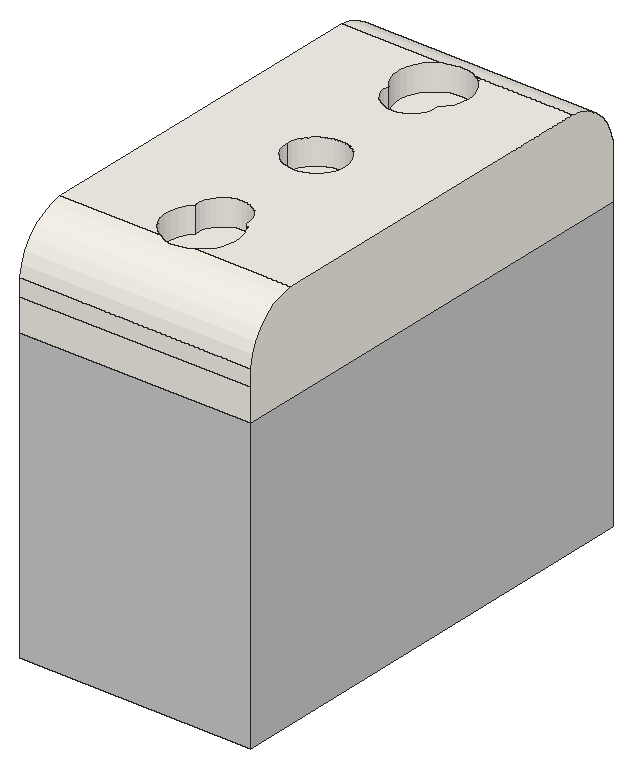
Revit family "Domotics-DomesticRanges-GEWISS-CHORUS_POWER-SOCKET-OUTLET_ITA_P11P17_16A", category Apparecchi elettrici, host Superficie, Revit 2016
Family settings
  Host = Superficie
  Mantenere orientamento annotazione = Sì
  Tipo di parte = Normale
  Quota connettore circolare = Usa diametro
  Numero OmniClass = 23.80.50.14
  Titolo OmniClass = Plug Connectors
  Taglio con vuoti quando caricato = Sì
  Condiviso = Sì
  Punto di calcolo locali = Sì
Parameters (values of type "GW14203 - Titanium")
  Wiring terminals = "With screw"
  Voltage: = "250 V ac"
  Voltage = "250 V ac"
  Volt = 230 V
  Vista di pianta [instance] = yes
  Version file RFA = "19.0"
  URL = "https://www.gewiss.com/ww/en"
  Type: = ""
  Tipo = CHORUS PRESE ITA P11-17 16A_BASE : TITANIO
  Thermo-pressure with ball = "125 °C"
  Terminal tightening capacity rigid cables (mm2) = "min. 0,5 - max. 2x2,5"
  Terminal tightening capacity flexible cables (mm2) = "min. 0,75 - max. 2x4"
  Terminal grip on cable traction = "> 50 N"
  Technical sheet = "https://www.gewiss.com/ww/en/search?q=GW14203"
  Standard; = "IEC 60884-1"
  Standard: = "English"
  Standard = "English"
  Socket-out type = "P11-P17"
  Simbolo = SIMBOLO PRESE : PRESA
  SIMBOLO [instance] = yes
  SEO = "Socket outlet"
  Resistance at test voltage = "2000 V at 50 Hz for 1 minute"
  Realized by GEWISS S.p.A. = ""
  Prolonged operation (no.of position changes) = "10.000 at In 250 V ac cosØ=0,8"
  Produttore = "GEWISS S.p.A."
  No. Chorus modules: = "1"
  No. Chorus modules = "1"
  N. poli = 1
  Modello = "GW14203"
  Larghezza presa = 23 mm
  Insulation resistance = "> 5 MOhm"
  IFC.TypeObject = ""
  IFC.ExportType = ""
  IFC.ExportAs = ""
  Offset presa [instance] = 0 mm
  Offset bidimensionale [instance] = 2 mm
  IDT = "29c87b2e-b13e-4cda-8006-9f3203d1c943"
  IDF = "e51a4de5-cedc-4b23-a4cc-bbf58c90be0d"
  Glow Wire Test = "850°C"
  For plug pins = "Ø 4 / 5 mm"
  Electrocod = "0131"
  EAN code = "8011564266308"
  Distanza_x [instance] = 0 mm
  Distanza_effettiva_x [instance] = 1500 mm - Distanza_x  # 1500 mm
  Default Elevation = 1219.2 mm
  Immagine tipo = GW14203.jpg
  Descrizione = "SOCKET 1M 2P+E 16A D.AM P17-11 IT ST T"
  Description: = "2P+E - 16 A Dual amperage"
  Description. = "Dual amperage socket-outlet"
  Colour = "Titanium"
  Characteristics = "With safety shields"
  Category = "Dual amperage socket-outlet"
  Catalogue Range = "CHORUS - DOMESTIC RANGE"
  Catalogue = "DOMOTICS"
  Carico apparente = 0 VA
  COBie.Tagnumber = ""
  COBie.CreatedOn = ""
  COBie.CreatebBy = ""
  COBie.ComponentRegisterItemID = ""
  COBie.Component.TagNumber = ""
  COBie.Component.Space = ""
  COBie.Component.SerialNumber = ""
  COBie.Component.InstallationDate = ""
  COBie.Component.Description = ""
  COBie.Component.BarCode = ""
  Breaking capacity: = "1.25 In (100 position changes)"
Types (6, lengths in mm): name | Type: | Tipo | Technical sheet | Modello | IDT | EAN code | Immagine tipo | Descrizione | Colour
  GW10203 - White | "" | CHORUS PRESE ITA P11-17 16A_BASE : BIANCO | "https://www.gewiss.com/ww/en/search?q=GW10203" | "GW10203" | "9966065f-069b-4595-8afa-80a81bea9837" | "8011564257894" | GW10203.jpg | "S. OUT. 1M 2P+E 16A D.AM P17-11 IT WH" | "White"
  GW10213 - Rosso | "For allocated lines" | CHORUS PRESE ITA P11-17 16A_BASE : ROSSO | "https://www.gewiss.com/ww/en/search?q=GW10213" | "GW10213" | "c83d3fc6-1765-4144-a7bb-0b87bbe7c99c" | "8011564264854" | GW10213.jpg | "S. OUT. 1M 2P+E 16A D.AM P17-11 IT RED" | "Red"
  GW10223 - Verde | "For allocated lines" | CHORUS PRESE ITA P11-17 16A_BASE : VERDE | "https://www.gewiss.com/ww/en/search?q=GW10223" | "GW10223" | "8b079261-e52f-4301-b551-a796427b0c03" | "8011564264861" | GW10223.jpg | "S. OUT. 1M 2P+E 16A D.AM P17-11 IT GREEN" | "Green"
  GW10233 - Arancio | "For allocated lines" | CHORUS PRESE ITA P11-17 16A_BASE : ARANCIO | "https://www.gewiss.com/ww/en/search?q=GW10233" | "GW10233" | "001fa0f5-f836-43e6-9be4-a154c6731fda" | "8011564264878" | GW10233.jpg | "S. OUT. 1M 2P+E 16A D.AM P17-11 IT ORAN" | "Orange"
  GW12203 - Black | "" | CHORUS PRESE ITA P11-17 16A_BASE : NERO | "https://www.gewiss.com/ww/en/search?q=GW12203" | "GW12203" | "170e11d1-c411-4b16-830d-3edc8ca4eca2" | "8011564267312" | GW12203.jpg | "SOCKET, 1M 2P+E 16A D.AM P17-11 IT ST B" | "Black"
  GW14203 - Titanium | "" | CHORUS PRESE ITA P11-17 16A_BASE : TITANIO | "https://www.gewiss.com/ww/en/search?q=GW14203" | "GW14203" | "29c87b2e-b13e-4cda-8006-9f3203d1c943" | "8011564266308" | GW14203.jpg | "SOCKET 1M 2P+E 16A D.AM P17-11 IT ST T" | "Titanium"
Reference planes
  plane 1 "Centro (Fronte/Retro)": y = 0
  plane 2: z = 0
  plane 3 "Centro (Sinistra/Destra)": x = 0
  plane 4 "1": z = 0
  plane 5 "piano bidimensionale": z = 41
  plane 6: x = -11.5
  plane 7: x = 11.5
  plane 8: z = 39
  plane 9: x = -1500
  plane 10: x = 0
Lines and regions (mm)
  Masking region 1, visible <- "Vista di pianta"
    outline origin (0, 0, 0) x (1, 0, 0) y (0, 0, 1)
      loop
        line (-11.5, 39) -> (-11.5, 0) -> (11.5, 0) -> (11.5, 39) -> (-11.5, 39)
  Masking region 2, visible <- "Vista di pianta"
    outline origin (0, 0, 41) x (0, -1, 0) y (1, 0, 0)
      loop
        line (-22.5, 11.5) -> (-22.5, -11.5) -> (22.5, -11.5) -> (22.5, 11.5) -> (-22.5, 11.5)
      loop
        arc (-11.852, 2.573) -> (-17.963, 0.254) -> (-11.994, -2.41) r 3.536
        arc (-11.994, -2.41) -> (-9.23, 0.005) -> (-11.852, 2.573) r 2.5
      loop
        circle (0, 0) r 2.942
      loop
        arc (11.852, 2.573) -> (9.23, 0.005) -> (11.994, -2.41) r 2.5
        arc (11.994, -2.41) -> (17.963, 0.254) -> (11.852, 2.573) r 3.536
  Masking region 3, visible <- "Vista di pianta"
    outline origin (0, 0, 0) x (0, 1, 0) y (0, 0, 1)
      loop
        line (22.5, 0) -> (22.5, 39) -> (-22.5, 39) -> (-22.5, 0) -> (22.5, 0)
  model lines, style "pulsanti", detail levels coarse
    curve 1: line (11.5, 22.5, 41) -> (11.5, -22.5, 41)
    curve 2: line (11.5, -22.5, 41) -> (-11.5, -22.5, 41)
    curve 3: line (-11.5, -22.5, 41) -> (-11.5, 22.5, 41)
    curve 4: line (-11.5, 22.5, 41) -> (11.5, 22.5, 41)
    curve 5: arc (2.942, 0, 41) -> (0, -2.942, 41) -> (-2.942, 0, 41) r 2.942
    curve 6: arc (-2.942, 0, 41) -> (0, 2.942, 41) -> (2.942, 0, 41) r 2.942
    curve 13: arc (2.573, 11.852, 41) -> (0.254, 17.963, 41) -> (-2.41, 11.994, 41) r 3.536
    curve 14: arc (-2.41, 11.994, 41) -> (0.005, 9.23, 41) -> (2.573, 11.852, 41) r 2.5
    curve 15: arc (-2.41, -11.994, 41) -> (0.254, -17.963, 41) -> (2.573, -11.852, 41) r 3.536
    curve 16: arc (2.573, -11.852, 41) -> (0.005, -9.23, 41) -> (-2.41, -11.994, 41) r 2.5
  model lines, style "pulsanti", not visible, detail levels coarse
    curve 7: line (11.5, 22.5, 60) -> (11.5, -22.5, 60)
    curve 8: line (11.5, -22.5, 60) -> (-11.5, -22.5, 60)
    curve 9: line (-11.5, -22.5, 60) -> (-11.5, 22.5, 60)
    curve 10: line (-11.5, 22.5, 60) -> (11.5, 22.5, 60)
    curve 11: arc (2.942, 0, 60) -> (0, -2.942, 60) -> (-2.942, 0, 60) r 2.942
    curve 12: arc (-2.942, 0, 60) -> (0, 2.942, 60) -> (2.942, 0, 60) r 2.942
    curve 17: arc (2.573, 11.852, 60) -> (0.254, 17.963, 60) -> (-2.41, 11.994, 60) r 3.536
    curve 18: arc (-2.41, 11.994, 60) -> (0.005, 9.23, 60) -> (2.573, 11.852, 60) r 2.5
    curve 19: arc (-2.41, -11.994, 60) -> (0.254, -17.963, 60) -> (2.573, -11.852, 60) r 3.536
    curve 20: arc (2.573, -11.852, 60) -> (0.005, -9.23, 60) -> (-2.41, -11.994, 60) r 2.5
Dimensions and locks
  "Offset presa": plane 4 "1" to host face
  equal spacing: plane 6, plane 3 "Centro (Sinistra/Destra)", plane 7
  "Larghezza presa": plane 6 to plane 7
  locked: plane 8 to plane 4 "1" at 39
  plane 9 to plane 3 "Centro (Sinistra/Destra)" = 1500 mm
  "Distanza_effettiva_x": plane 9 to plane 10
  "Offset bidimensionale": plane 5 "piano bidimensionale" to plane 8
  aligned and locked: plane 2 to host face
  aligned and locked: level to host face
  aligned and locked: Masking region 1 sketch curve to plane 8
  aligned and locked: plane 6 to Masking region 1 sketch curve
  aligned and locked: plane 4 "1" to Masking region 1 sketch curve
  aligned and locked: nested 2 to plane 4 "1"  (x3)
  aligned and locked: plane 10 to nested 1
  aligned and locked: Masking region 2 sketch curve to nested 2  (x4)
  aligned and locked: nested 2 to plane 8  (x2)
  aligned and locked: plane 8 to nested 2  (x2)
  aligned and locked: plane 5 "piano bidimensionale" to curve 2
  aligned and locked: curve 4 to plane 5 "piano bidimensionale"
  aligned and locked: Masking region 1 to plane 4 "1"
  aligned and locked: plane 5 "piano bidimensionale" to curve 1
  aligned and locked: Masking region 3 sketch curve to nested 2  (x2)
  aligned and locked: Masking region 3 sketch curve to plane 8
  aligned and locked: plane 4 "1" to Masking region 3 sketch curve
Automatic sketch dimensions
  host sketch curve to host sketch curve = 2438.4 mm  (x2)
  curve 3 to curve 6 = 22.5 mm
  curve 5 to curve 2 = 22.5 mm
  curve 3 to curve 5 = 11.5 mm
  curve 2 to curve 2 = 23 mm
  curve 6 to curve 5 = 2.942 mm
  curve 1 to curve 13 = 8.071 mm
  curve 5 to curve 16 = 11.729 mm
  curve 5 to curve 14 = 0.076 mm
  curve 5 to curve 16 = 0.076 mm
  curve 16 to curve 15 = 0.077 mm
  curve 14 to curve 13 = 0.077 mm
  curve 13 to curve 14 = 0.265 mm
  curve 14 to curve 14 = 0.123 mm
  curve 16 to curve 16 = 0.123 mm
  curve 16 to curve 15 = 0.265 mm
  curve 14 to curve 14 = 2.486 mm
  curve 15 to curve 16 = 2.486 mm
  curve 5 to curve 6 = 0 mm  (x2)
  curve 9 to curve 12 = 22.5 mm
  curve 11 to curve 8 = 22.5 mm
  curve 9 to curve 11 = 11.5 mm
  curve 8 to curve 8 = 23 mm
  curve 12 to curve 11 = 2.942 mm
  curve 7 to curve 17 = 8.071 mm
  curve 11 to curve 20 = 11.729 mm
  curve 11 to curve 18 = 0.076 mm
  curve 11 to curve 20 = 0.076 mm
  curve 20 to curve 19 = 0.077 mm
  curve 18 to curve 17 = 0.077 mm
  curve 17 to curve 18 = 0.265 mm
  curve 18 to curve 18 = 0.123 mm
  curve 20 to curve 20 = 0.123 mm
  curve 20 to curve 19 = 0.265 mm
  curve 18 to curve 18 = 2.486 mm
  curve 19 to curve 20 = 2.486 mm
  curve 11 to curve 12 = 0 mm  (x2)
  Masking region 1 sketch curve to plane 7 = 0 mm
  plane 3 "Centro (Sinistra/Destra)" to Masking region 2 sketch curve = 0.153 mm  (x2)
  Masking region 2 sketch curve to Masking region 2 sketch curve = 8.071 mm
  plane 3 "Centro (Sinistra/Destra)" to Masking region 2 sketch curve = 0.076 mm  (x2)
  Masking region 2 sketch curve to Masking region 2 sketch curve = 2.701 mm  (x2)
  Masking region 2 sketch curve to Masking region 2 sketch curve = 0.265 mm
  Masking region 2 sketch curve to Masking region 2 sketch curve = 0.123 mm  (x2)
  plane 1 "Centro (Fronte/Retro)" to Masking region 2 sketch curve = 0 mm
  Masking region 2 sketch curve to plane 3 "Centro (Sinistra/Destra)" = 0 mm
  Masking region 2 sketch curve to Masking region 2 sketch curve = 2.942 mm
  plane 1 "Centro (Fronte/Retro)" to Masking region 2 sketch curve = 11.729 mm
  Masking region 2 sketch curve to plane 3 "Centro (Sinistra/Destra)" = 2.41 mm
Nested families
  nested 1: "SIMBOLO PRESE" at (0, 100, 0), type <- "Simbolo", SIMBOLO <- "SIMBOLO", visible <- "SIMBOLO", type "PRESA"
    with TESTO ELETTRICO "10/16", Distanza dal muro 4.208 mm, BORDO ACCESO yes
  nested 2: "CHORUS PRESE ITA P11-17 16A_BASE" at (0, 0, 0), type <- "Tipo", type "TITANIO", detail levels medium+fine
Connectors
  electrical at (0, 0, 0), driven by "N. poli", driven by "Volt", driven by "Carico apparente"
    settings: on nested 2, index 1, voltage 230 V, apparent load 0 VA, apparent load phase1 0 VA, apparent load phase2 0 VA, apparent load phase3 0 VA, power factor 1, load classification "Altro", number of poles 1, system type 31, power factor state 1, is connector primary yes, connector utility no, sub classification motor no, connector description ""
Definition of nested family "CHORUS PRESE ITA P11-17 16A_BASE"
  Parameters (values of type "NERO")
    Simbolo accensione = none
    Supporto = none
    Pulsante = none
    Profondità suporto = 15.673 mm
    Larghezza pulsante = 23 mm  # constant formula
    Bidimensionale = 34 mm
    Altezza pulsante = 45 mm
  Types (6, lengths in mm): name | Bidimensionale
    NERO | 34
    TITANIO | 36.414
    BIANCO | 36.414
    ARANCIO | 36.414
    ROSSO | 36.414
    VERDE | 36.414
  Reference planes
    plane 1 "Centro (Fronte/Retro)": y = 0
    plane 2: z = 0
    plane 3 "Centro (Sinistra/Destra)": x = 0
    plane 4: y = -22.5
    plane 5: y = 22.5
    plane 6: x = -11.5
    plane 7: x = 11.5
    plane 8 "PIANO BIDIMENSIONALE": z = 34
    plane 9: z = 39
    plane 10: z = 39
  Forms (mm)
    Extrusion 1, solid, material <- "Supporto"
      sketch origin (0, 0, 0) x (0, 1, 0) y (0, 0, 1)
        loop
          line (-22.5, 0) -> (22.5, 0) -> (22.5, 29) -> (-22.5, 29) -> (-22.5, 0)
      from -11.5 to 11.5
    Extrusion 2, solid, material <- "Pulsante"
      sketch origin (0, 0, 13.327) x (0, 1, 0) y (0, 0, 1)
        loop
          arc (-17.507, 25.673) -> (-20.925, 24.022) -> (-22.5, 20.569) r 5.587
          line (-22.5, 20.569) -> (-22.5, 18.902) -> (-22.5, 15.673) -> (22.5, 15.673) -> (22.5, 21.137)
          arc (22.5, 21.137) -> (20.764, 24.242) -> (17.507, 25.673) r 5.596
          line (17.507, 25.673) -> (-17.507, 25.673)
      from -11.5 to 11.5
    Extrusion 3, void
      sketch origin (0, 0, 34) x (-1, 0, 0) y (0, -1, 0)
        loop
          arc (-2.573, -11.852) -> (-0.254, -17.963) -> (2.41, -11.994) r 3.536
          arc (2.41, -11.994) -> (-0.005, -9.23) -> (-2.573, -11.852) r 2.5
        loop
          circle (0, 0) r 2.942
        loop
          arc (-2.573, 11.852) -> (-0.005, 9.23) -> (2.41, 11.994) r 2.5
          arc (2.41, 11.994) -> (-0.254, 17.963) -> (-2.573, 11.852) r 3.536
      from 0 to 14.806
  Cuts and joins
    Extrusion 3 cuts Extrusion 2
  Lines and regions (mm)
    Masking region 1
      outline origin (0, 0, 34) x (-1, 0, 0) y (0, -1, 0)
        loop
          line (11.5, -22.5) -> (11.5, 22.5) -> (-11.5, 22.5) -> (-11.5, -22.5) -> (11.5, -22.5)
        loop
          circle (0, 0) r 2.942
        loop
          arc (-2.573, -11.852) -> (-0.254, -17.963) -> (2.41, -11.994) r 3.536
          arc (2.41, -11.994) -> (-0.005, -9.23) -> (-2.573, -11.852) r 2.5
        loop
          arc (2.41, 11.994) -> (-0.254, 17.963) -> (-2.573, 11.852) r 3.536
          arc (-2.573, 11.852) -> (-0.005, 9.23) -> (2.41, 11.994) r 2.5
  Dimensions and locks
    equal spacing: plane 4, plane 1 "Centro (Fronte/Retro)", plane 5
    plane 4 to plane 5 = 45 mm
    equal spacing: plane 6, plane 3 "Centro (Sinistra/Destra)", plane 7
    "Larghezza pulsante": plane 6 to plane 7
    equal spacing: plane 5, plane 1 "Centro (Fronte/Retro)", plane 4
    "Altezza pulsante": plane 5 to plane 4
    "Bidimensionale": plane 8 "PIANO BIDIMENSIONALE" to level
    level to plane 9 = 39 mm
    plane 8 "PIANO BIDIMENSIONALE" to plane 9 = 5 mm
    aligned and locked: level to plane 2
    aligned and locked: Extrusion 1 sketch curve to plane 4
    aligned and locked: plane 5 to Extrusion 1 sketch curve
    aligned and locked: Extrusion 1 sketch curve to plane 2
    aligned and locked: Extrusion 1 to plane 6
    aligned and locked: plane 7 to Extrusion 1
    aligned and locked: Masking region 1 sketch curve to plane 5
    aligned and locked: Masking region 1 sketch curve to plane 7
    aligned and locked: Masking region 1 to plane 4
    aligned and locked: Extrusion 2 to plane 9
    aligned and locked: Extrusion 3 to plane 8 "PIANO BIDIMENSIONALE"
  Automatic sketch dimensions
    plane 1 "Centro (Fronte/Retro)" to Masking region 1 sketch curve = 0 mm
    Masking region 1 sketch curve to plane 3 "Centro (Sinistra/Destra)" = 0 mm
    Masking region 1 sketch curve to Masking region 1 sketch curve = 2.942 mm
    plane 4 to Masking region 1 sketch curve = 0 mm
    plane 3 "Centro (Sinistra/Destra)" to Masking region 1 sketch curve = 0.153 mm  (x2)
    plane 3 "Centro (Sinistra/Destra)" to Masking region 1 sketch curve = 0.076 mm  (x2)
    Masking region 1 sketch curve to plane 5 = 8.071 mm
    Masking region 1 sketch curve to Masking region 1 sketch curve = 2.701 mm  (x2)
    Masking region 1 sketch curve to Masking region 1 sketch curve = 2.497 mm  (x2)
    Masking region 1 sketch curve to plane 3 "Centro (Sinistra/Destra)" = 2.41 mm  (x2)
    plane 4 to Masking region 1 sketch curve = 10.771 mm
    Extrusion 2 sketch curve to plane 5 = 0 mm
    plane 4 to Extrusion 2 sketch curve = 0 mm
    plane 4 to Extrusion 2 sketch curve = 4.993 mm
    Extrusion 2 sketch curve to Extrusion 2 sketch curve = 5.569 mm
    Extrusion 2 sketch curve to plane 5 = 4.993 mm
    Extrusion 2 sketch curve to Extrusion 2 sketch curve = 1.667 mm
    Masking region 1 sketch curve to plane 6 = 0 mm
    Extrusion 2 sketch curve to Extrusion 2 sketch curve = 3.23 mm
    plane 9 to Extrusion 1 sketch curve = 10 mm
    Extrusion 2 sketch curve to plane 5 = 5.499 mm
    plane 9 to Extrusion 2 sketch curve = 4.536 mm
    plane 9 to Extrusion 2 sketch curve = 5.104 mm
    plane 10 to Extrusion 2 sketch curve = 0 mm
    plane 3 "Centro (Sinistra/Destra)" to Extrusion 3 sketch curve = 0.153 mm  (x2)
    plane 3 "Centro (Sinistra/Destra)" to Extrusion 3 sketch curve = 0.076 mm  (x2)
    Extrusion 3 sketch curve to plane 5 = 8.071 mm
    Extrusion 3 sketch curve to Extrusion 3 sketch curve = 2.701 mm  (x2)
    Extrusion 3 sketch curve to Extrusion 3 sketch curve = 2.497 mm  (x2)
    Extrusion 3 sketch curve to plane 3 "Centro (Sinistra/Destra)" = 2.41 mm  (x2)
    plane 1 "Centro (Fronte/Retro)" to Extrusion 3 sketch curve = 0 mm
    Extrusion 3 sketch curve to plane 3 "Centro (Sinistra/Destra)" = 0 mm
    Extrusion 3 sketch curve to Extrusion 3 sketch curve = 2.942 mm
    plane 4 to Extrusion 3 sketch curve = 10.771 mm
Definition of nested family "SIMBOLO PRESE"
  Parameters (values of type "PRESA")
    TESTO ELETTRICO [instance] = "TXT"
    Simbolo = SIMBOLO PRESE_BASE : PRESA
    SIMBOLO [instance] = yes
    Distanza dal muro [instance] = 4.208 mm
    BORDO ACCESO [instance] = yes
  Reference planes
    plane 1: y = 0
    plane 2: x = 0
  Dimensions and locks
    aligned and locked: plane 1 to nested 1
    aligned and locked: plane 2 to nested 1
  Nested families
    nested 1: "SIMBOLO PRESE_BASE" at (0, 0, 0), type <- "Simbolo", TESTO ELETTRICO <- "TESTO ELETTRICO", BORDO ACCESO <- "BORDO ACCESO", visible <- "SIMBOLO", type "PRESA"
      with TESTO ELETTRICO "TXT", BORDO ACCESO yes
  Definition of nested family "SIMBOLO PRESE_BASE"
    Parameters (values of type "PRESA")
      TESTO ELETTRICO [instance] = "TXT"
      Distanza dal muro = 4.208 mm
      BORDO ACCESO [instance] = yes
    Reference planes
      plane 1: y = 0
      plane 2: x = 0
    Lines and regions (mm)
      detail lines, visible <- "BORDO ACCESO", not visible
        curve 1: line (-1.743, 9.208, 0) -> (2.057, 9.208, 0)
        curve 2: line (2.057, 9.208, 0) -> (2.057, 4.208, 0)
        curve 3: line (2.057, 4.208, 0) -> (-1.743, 4.208, 0)
        curve 4: line (-1.743, 4.208, 0) -> (-1.743, 9.208, 0)
        curve 5: line (-1.543, 9.008, 0) -> (1.857, 9.008, 0)
        curve 6: line (1.857, 9.008, 0) -> (1.857, 4.408, 0)
        curve 7: line (1.857, 4.408, 0) -> (-1.543, 4.408, 0)
        curve 8: line (-1.543, 4.408, 0) -> (-1.543, 9.008, 0)
      detail lines
        curve 9: line (0.783, 1.133, 0) -> (-0.783, 1.133, 0)
        curve 10: line (0, 1.133, 0) -> (0, 0.349, 0)
        curve 11: arc (-0.783, 1.916, 0) -> (0, 1.133, 0) -> (0.783, 1.916, 0) r 0.783
    Text (mm)
      label "TXT" at (0.016, 1.578, 0), shows "TESTO ELETTRICO"
